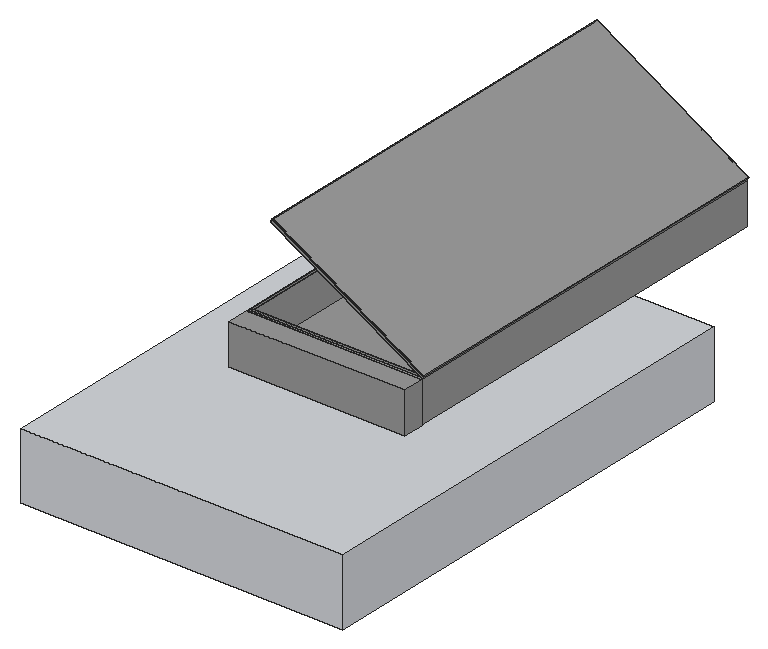
Revit family "Hager-Univers-IP44-D205-H1950-Cl.I-encl-NoHosted-DE-de", category Equipement électrique, Revit 2020
Family settings
  Hôte = Face
  Configuration du panneau = Deux colonnes, circuits au sein
  Cote de connecteur circulaire = Utiliser le diamètre
  Type d'élément = Tableau de raccordement
  Couper avec des vides une fois chargée = Non
  Partagée = Non
  Point de calcul de pièce = Non
Parameters (values of type "Bodenaufstellung IP44 B800 H1950 T205  - FP23TN2")
  Width Control [instance] = if([EF000008 - Breite] > Min Width, [EF000008 - Breite], Min Width)  # 800 mm
  Commentaires du type = [HG000003 - Bereich]  # "Univers"
  Thickness Door [instance] = if([EF009171 - Materialstärke Tür/Deckel] > 3 mm, 3 mm, [EF009171 - Materialstärke Tür/Deckel])  # 1 mm
  Seal Frame Offset [instance] = 17 mm  # constant formula
  Plinth Visibility [instance] = [HG000027 - Sockelhöhe] > 0 mm  # yes
  Model = ""
  Min Width [instance] = 100 mm  # constant formula
  Min Height [instance] = 100 mm  # constant formula
  Min Depth [instance] = (2 * [EF009170 - Materialstärke Gehäuse]) + 1 mm  # 3 mm
  Internal Frame Depth [instance] = (Door System Depth * 0.5)  # 9 mm
  Height Control [instance] = if([EF000040 - Höhe] > Min Height, [EF000040 - Höhe], Min Height)  # 1950 mm
  HG000027 - Sockelhöhe = 100 mm
  HG000026 - Stehend auf dem Boden = yes
  HG000024 - Höhe des unteren Teils = 800 mm
  HG000023 - Gehäuse mit doppeltem Querschnitt = no
  HG000016 - 3D-Türsichtbarkeit [instance] = yes
  HG000015 - Sichtbarkeit der Türöffnung [instance] = no
  HG000014 - Tür rechts [instance] = yes
  HG000013 - Tür links [instance] = not([HG000014 - Tür rechts])  # no
  HG000012 - Türschwenkwinkel [instance] = 30.00°
  HG000010 - Asymmetrische Türen = no
  HG000009 - Doppelflügeligen Tür = no
  HG000006 - Unterputz = no
  HG000004 - Herstellerreferenz = "FP23TN2"
  HG000003 - Bereich = "Univers"
  HG000002 - Mit tür = yes
  Frame Offset Bottom [instance] = 10 mm  # constant formula
  Frame Offset [instance] = 15 mm  # constant formula
  EF015940 - Deckel mit Überdruckentlastung = no
  EF011959 - Schutzart (NEMA) = ""
  EF009554 - Anzahl der Öffnungen für Flanschplatten = 6
  Fabricant = "Hager"  # constant formula
  EF009212 - Ausführung Deckel = "EV000116 - geschlossen"
  EF009171 - Materialstärke Tür/Deckel = 1 mm
  EF009170 - Materialstärke Gehäuse = 1 mm
  EF008873 - Nennstrom (In) = 400 A
  EF007800 - Geeignet für Blitzschutz = no
  EF006306 - Mit Schloss = no
  EF006244 - Transparenter Deckel/Tür = no
  EF005474 - Schutzart (IP) = "EV006418 - IP44"
  EF004464 - Art der Tür = "EV002646 - Einzel"
  EF004427 - Anzahl der Module = 432
  EF004293 - Schlagfestigkeit = "EV006815 - IK09"
  EF003532 - Geeignet für Außengebrauch = no
  EF002950 - Breite in Teilungseinheiten = 36
  EF001613 - Funktionserhalt = "EV000494 - ohne"
  EF001596 - Werkstoff des Gehäuses = "EV000179 - Stahl"
  EF001131 - Innentiefe = 205 mm
  EF001088 - Anbaumöglichkeit = yes
  EF000437 - Anzahl der Leitungseinführungen = 6
  EF000339 - Art der Abdeckung = "EV001012 - Deckel"
  EF000266 - Anzahl der Reihen = 12
  EF000218 - Einbautiefe = 0 mm
  EF000118 - Mit Montageplatte = no
  EF000116 - RAL-Nummer = "9010"
  EF000049 - Tiefe = 205 mm
  EF000040 - Höhe = 1950 mm
  EF000008 - Breite = 800 mm
  EF000007 - Farbe = "EV000202 - weiß"
  EF000003 - Montageart = "EV012274 - Bodenaufstellung"
  Door System Leaf Tolerance [instance] = 1.5 mm  # constant formula
  Door System Depth [instance] = 18 mm  # constant formula
  Door Height [instance] = Height Control - [HG000027 - Sockelhöhe]  # 1850 mm
  Depth Control [instance] = if([EF000049 - Tiefe] > Min Depth, [EF000049 - Tiefe], Min Depth)  # 205 mm
  Default Elevation = 0 mm
  Connector Offset [instance] = Height Control / 2  # 975 mm
  Bottom Top Plate Trim [instance] = 1.5 mm  # constant formula
  Plinth height Ctrl [instance] = if([HG000027 - Sockelhöhe] > 0 mm, [HG000027 - Sockelhöhe], 12 mm)  # 100 mm
Types (9, lengths in mm): name | Width Control | HG000010 - Asymmetrische Türen | HG000009 - Doppelflügeligen Tür | HG000004 - Herstellerreferenz | EF009554 - Anzahl der Öffnungen für Flanschplatten | EF008873 - Nennstrom (In) | EF004464 - Art der Tür | EF004427 - Anzahl der Module | EF002950 - Breite in Teilungseinheiten | EF000437 - Anzahl der Leitungseinführungen | EF000008 - Breite
  Bodenaufstellung IP44 B1050 H1950 T205  - FP24TN2 | 1050 | no | yes | "FP24TN2" | 8 | 400 A | "EV003602 - Doppel" | 576 | 48 | 8 | 1050
  Bodenaufstellung IP44 B1300 H1950 T205  - FP25TN | 1300 | no | yes | "FP25TN" | 10 | 400 A | "EV003602 - Doppel" | 720 | 60 | 10 | 1300
  Bodenaufstellung IP44 B1300 H1950 T205  - FP25TN2 | 1300 | yes | yes | "FP25TN2" | 10 | 400 A | "EV003602 - Doppel" | 720 | 60 | 10 | 1300
  Bodenaufstellung IP44 B300 H1950 T205  - FP21TN | 300 | no | no | "FP21TN" | 2 | 250 A | "EV002646 - Einzel" | 144 | 12 | 2 | 300
  Bodenaufstellung IP44 B300 H1950 T205  - FP21TN2 | 300 | no | no | "FP21TN2" | 2 | 250 A | "EV002646 - Einzel" | 144 | 12 | 2 | 300
  Bodenaufstellung IP44 B550 H1950 T205  - FP22TN | 550 | no | no | "FP22TN" | 4 | 400 A | "EV002646 - Einzel" | 288 | 24 | 4 | 550
  Bodenaufstellung IP44 B550 H1950 T205  - FP22TN2 | 550 | no | no | "FP22TN2" | 4 | 400 A | "EV002646 - Einzel" | 288 | 24 | 4 | 550
  Bodenaufstellung IP44 B800 H1950 T205  - FP23TN | 800 | no | no | "FP23TN" | 6 | 400 A | "EV002646 - Einzel" | 432 | 36 | 6 | 800
  Bodenaufstellung IP44 B800 H1950 T205  - FP23TN2 | 800 | no | no | "FP23TN2" | 6 | 400 A | "EV002646 - Einzel" | 432 | 36 | 6 | 800
Reference planes
  plane 1 "Center (Front/Back)": y = 0
  plane 2: z = 0
  plane 3 "Center (Left/Right)": x = 0
  plane 4: z = 205
  plane 5: y = 101
  plane 6: y = 1025
  plane 7: y = 100
  plane 8: y = 1950
  plane 9: z = 0
  plane 10: x = -385
  plane 11: x = 385
  plane 12: x = 384
  plane 13: x = -384
  plane 14: y = 1949
  plane 15: x = -383
  plane 16: x = -400
  plane 17: x = 383
  plane 18: x = 400
  plane 19: x = 399
  plane 20: x = -399
  plane 21: y = 111
  plane 22: y = 1950
  plane 23: y = 1934
  plane 24: z = 187
  plane 25: z = 1
  plane 26: z = 186
  plane 27: z = 204
Forms (mm)
  Extrusion 1, solid
    sketch origin (0, 0, 0) x (1, 0, 0) y (0, 1, 0)
      loop
        line (-702.964, 1305) -> (-702.964, -811.445) -> (766.763, -811.445) -> (766.763, 1305) -> (-702.964, 1305)
    from 0 to -304.8
  Extrusion 2, solid, material "Hager_Steel_RAL7035_Light_Grey", visible <- "Plinth Visibility", detail levels medium+fine
    sketch origin (0, 0, 0) x (1, 0, 0) y (0, 1, 0)
      loop
        line (-400, 0) -> (400, 0) -> (400, 100) -> (-400, 100) -> (-400, 0)
    from 0 to 187
  Extrusion 3, solid, material "Hager_Steel_RAL7035_Light_Grey", detail levels medium+fine
    sketch origin (0, 0, 0) x (1, 0, 0) y (0, 1, 0)
      loop
        line (-400, 100) -> (400, 100) -> (400, 1950) -> (-400, 1950) -> (-400, 100)
    from 0 to 187
  Extrusion 4, void
    sketch origin (0, 0, 0) x (1, 0, 0) y (0, 1, 0)
      loop
        line (-399, 101) -> (399, 101) -> (399, 1949) -> (-399, 1949) -> (-399, 101)
    from 1 to 186
  Extrusion 5, void
    sketch origin (-381.607, -4572, 187) x (0, -1, 0) y (-1, 0, 0)
      loop
        line (-4683, 2.393) -> (-6506, 2.393) -> (-6506, -765.607) -> (-4683, -765.607) -> (-4683, 2.393)
    from 0 to 1 <- "EF009170 - Materialstärke Gehäuse"
  Extrusion 6, solid, material "Hager_Steel_RAL7035_Light_Grey", detail levels fine
    sketch origin (0, 0, 187) x (1, 0, 0) y (0, 1, 0)
      loop
        line (-384, 1934) -> (-384, 111) -> (384, 111) -> (384, 1934) -> (-384, 1934)
      loop
        line (-385, 110) -> (385, 110) -> (385, 1935) -> (-385, 1935) -> (-385, 110)
    from 0 to 9 <- "Internal Frame Depth"
  Extrusion 7, solid, material "Hager_Steel_RAL7035_Light_Grey", detail levels coarse
    sketch origin (0, 0, 0) x (1, 0, 0) y (0, 1, 0)
      loop
        line (-400, 0) -> (400, 0) -> (400, 1950) -> (-400, 1950) -> (-400, 0)
    from 0 to 205
  Sweep 8, void
    path in 3D
      loop
        line (-400, 100, 0) -> (400, 100, 0) -> (400, 100, 187) -> (-400, 100, 187) -> (-400, 100, 0)
    profile origin (-400, 100, 93.5) x (-1, 0, 0) y (0, -1, 0)
      loop
        line (0, 0) -> (0, 1.5) -> (-1.5, 1.5)
        arc (-1.5, 1.5) -> (-1.061, 0.439) -> (0, 0) r 1.5
Cuts and joins
  Extrusion 4, Extrusion 5 cuts Extrusion 3
  Sweep 8 cuts Extrusion 2
Lines and regions (mm)
  Masking region 1
    outline origin (0, 0, 0) x (1, 0, 0) y (0, 0, 1)
      loop
        line (-400, 205) -> (-400, 0) -> (400, 0) -> (400, 205) -> (-400, 205)
  Masking region 2, detail levels medium+fine
    outline origin (0, 140, 0) x (0, 1, 0) y (0, 0, 1)
      loop
        line (-40, 0) -> (1810, 0) -> (1810, 187) -> (-40, 187) -> (-40, 0)
  Masking region 3, not visible, detail levels medium+fine
    outline origin (0, 297.922, 0) x (0, 1, 0) y (0, 0, 1)
      loop
        line (738.578, 0) -> (778.578, 0) -> (778.578, 194)
        arc (778.578, 194) -> (775.649, 201.071) -> (768.578, 204) r 10
        line (768.578, 204) -> (738.578, 204) -> (738.578, 0)
  Masking region 4, detail levels coarse
    outline origin (0, 0, 180) x (0, 1, 0) y (0, 0, 1)
      loop
        line (0, -180) -> (1950, -180) -> (1950, 25) -> (0, 25) -> (0, -180)
  Masking region 5, visible <- "Plinth Visibility", detail levels medium+fine
    outline origin (0, 52.24, 12.345) x (0, 0, -1) y (0, 1, 0)
      loop
        line (10.845, 47.76) -> (-173.155, 47.76)
        arc (-173.155, 47.76) -> (-173.594, 46.699) -> (-174.655, 46.26) r 1.5
        line (-174.655, 46.26) -> (-174.655, -52.24) -> (12.345, -52.24) -> (12.345, 46.26)
        arc (12.345, 46.26) -> (11.285, 46.699) -> (10.845, 47.76) r 1.5
  Masking region 6, detail levels medium+fine
    outline origin (-381.607, -4572, 187) x (-1, 0, 0) y (0, -1, 0)
      loop
        line (18.393, -6522) -> (18.393, -4672) -> (-781.607, -4672) -> (-781.607, -6522) -> (18.393, -6522)
  Masking region 7, visible <- "Plinth Visibility", detail levels medium+fine
    outline origin (-381.607, -4727, 187) x (-1, 0, 0) y (0, -1, 0)
      loop
        arc (16.893, -4827) -> (17.332, -4825.939) -> (18.393, -4825.5) r 1.5
        line (18.393, -4825.5) -> (18.393, -4727) -> (-781.607, -4727) -> (-781.607, -4825.5)
        arc (-781.607, -4825.5) -> (-780.546, -4825.939) -> (-780.107, -4827) r 1.5
        line (-780.107, -4827) -> (16.893, -4827)
  Masking region 8, detail levels coarse
    outline origin (-442.548, -4669.526, 187) x (-1, 0, 0) y (0, -1, 0)
      loop
        line (-42.548, -6619.526) -> (-42.548, -4669.526) -> (-842.548, -4669.526) -> (-842.548, -6619.526) -> (-42.548, -6619.526)
  sketch lines
    curve 1: line (-400, 100, 187) -> (-400, 100, 0)
    curve 2: line (400, 100, 187) -> (-400, 100, 187)
    curve 3: line (400, 100, 187) -> (400, 100, 0)
    curve 4: line (-400, 100, 0) -> (400, 100, 0)
Dimensions and locks
  "Depth Control": plane 4 to Extrusion 1
  "HG000027 - Sockelhöhe": plane 1 "Center (Front/Back)" to plane 7
  "EF009170 - Materialstärke Gehäuse": plane 5 to plane 7
  locked: connector elem to plane 3 "Center (Left/Right)"
  equal spacing: plane 8, plane 6, plane 7
  locked: connector elem to plane 6
  "EF009170 - Materialstärke Gehäuse": plane 8 to plane 14
  "EF009170 - Materialstärke Gehäuse": plane 10 to plane 13
  "EF009170 - Materialstärke Gehäuse": plane 12 to plane 11
  "Frame Offset": plane 20 to plane 13
  "Frame Offset": plane 12 to plane 19
  "EF009170 - Materialstärke Gehäuse": plane 16 to plane 20
  "EF009170 - Materialstärke Gehäuse": plane 19 to plane 18
  "Seal Frame Offset": plane 16 to plane 15
  "Seal Frame Offset": plane 17 to plane 18
  "Frame Offset Bottom": plane 21 to plane 5
  "Frame Offset": plane 14 to plane 23
  equal spacing: plane 16, plane 3 "Center (Left/Right)", plane 18
  "Width Control": plane 16 to plane 18
  "EF009170 - Materialstärke Gehäuse": plane 4 to plane 27
  "EF009170 - Materialstärke Gehäuse": plane 24 to plane 26
  "EF009170 - Materialstärke Gehäuse": plane 25 to level
  "Door System Depth": plane 4 to plane 24
  "Height Control": plane 1 "Center (Front/Back)" to Extrusion 7 sketch curve
  "Height Control": Masking region 4 sketch curve to plane 1 "Center (Front/Back)"
  "Height Control": plane 1 "Center (Front/Back)" to plane 22
  "Bottom Top Plate Trim": profile plane to Sweep 8 sketch curve
  "Bottom Top Plate Trim": Sweep 8 sketch curve to profile plane
  "Plinth height Ctrl": plane 1 "Center (Front/Back)" to Extrusion 2 sketch curve
  "Plinth height Ctrl": Masking region 5 sketch curve to plane 1 "Center (Front/Back)"
  "Plinth height Ctrl": plane 1 "Center (Front/Back)" to Masking region 7 sketch curve
  "Thickness Door": Extrusion 6 sketch curve to Extrusion 6 sketch curve  (x3)
  "Thickness Door": cut or joined group of Extrusion 3, Extrusion 4, Extrusion 5 to Extrusion 6 sketch curve
  radius of Masking region 3 sketch curve = 10 mm
  "Bottom Top Plate Trim": radius of Masking region 5 sketch curve  (x2)
  "Bottom Top Plate Trim": radius of Sweep 8 sketch curve
  "Bottom Top Plate Trim": radius of Masking region 7 sketch curve  (x2)
  aligned and locked: plane 2 to Extrusion 1
  aligned and locked: level to Extrusion 1
  aligned and locked: level to Masking region 1 sketch curve
  aligned and locked: Masking region 1 sketch curve to plane 18
  aligned and locked: Masking region 1 sketch curve to plane 16
  aligned and locked: plane 7 to Masking region 2 sketch curve
  aligned and locked: level to Masking region 3 sketch curve
  aligned and locked: Masking region 3 sketch curve to plane 27
  aligned and locked: level to Masking region 2 sketch curve
  aligned and locked: plane 1 "Center (Front/Back)" to Extrusion 2 sketch curve
  aligned and locked: Extrusion 3 sketch curve to plane 7
  aligned and locked: plane 16 to Extrusion 3 sketch curve
  aligned and locked: plane 18 to Extrusion 3 sketch curve
  aligned and locked: plane 20 to Extrusion 4 sketch curve
  aligned and locked: plane 19 to Extrusion 4 sketch curve
  aligned and locked: Extrusion 4 sketch curve to plane 5
  aligned and locked: Extrusion 4 to plane 25
  aligned and locked: plane 26 to Extrusion 4
  aligned and locked: plane 24 to Extrusion 3
  aligned and locked: Extrusion 5 sketch curve to plane 21
  aligned and locked: Extrusion 5 sketch curve to plane 13
  aligned and locked: Extrusion 5 sketch curve to plane 12
  aligned and locked: plane 18 to Extrusion 7 sketch curve
  aligned and locked: plane 1 "Center (Front/Back)" to Extrusion 7 sketch curve
  aligned and locked: plane 16 to Extrusion 7 sketch curve
  aligned and locked: plane 4 to Extrusion 7
  aligned and locked: Extrusion 7 to level
  aligned and locked: level to Masking region 4 sketch curve
  aligned and locked: Masking region 4 sketch curve to plane 1 "Center (Front/Back)"
  aligned and locked: Masking region 4 sketch curve to plane 4
  aligned and locked: nested 1 to level
  aligned and locked: nested 1 to plane 16
  aligned and locked: plane 8 to Extrusion 3 sketch curve
  aligned and locked: plane 23 to Extrusion 5 sketch curve
  aligned and locked: plane 14 to Extrusion 4 sketch curve
  aligned and locked: Masking region 2 sketch curve to plane 8
  aligned and locked: level to Masking region 5 sketch curve
  aligned and locked: plane 16 to Extrusion 2 sketch curve
  aligned and locked: plane 18 to Extrusion 2 sketch curve
  aligned and locked: Masking region 5 sketch curve to plane 24
  aligned and locked: Masking region 2 sketch curve to plane 24
  aligned and locked: plane 24 to Extrusion 2
  aligned and locked: profile plane to Sweep 8 sketch curve  (x2)
  aligned and locked: Masking region 6 sketch curve to plane 18
  aligned and locked: Masking region 6 sketch curve to plane 22
  aligned and locked: Masking region 6 sketch curve to plane 16
  aligned and locked: plane 8 to plane 22
  aligned and locked: Masking region 6 sketch curve to plane 7
  aligned and locked: Masking region 7 sketch curve to plane 16
  aligned and locked: Masking region 7 sketch curve to plane 1 "Center (Front/Back)"
  aligned and locked: Masking region 7 sketch curve to plane 18
  aligned and locked: Masking region 8 sketch curve to plane 1 "Center (Front/Back)"
  aligned and locked: Masking region 8 sketch curve to plane 18
  aligned and locked: Masking region 8 sketch curve to plane 22
  aligned and locked: Masking region 8 sketch curve to plane 16
  aligned and locked: nested 2 to plane 7
  aligned and locked: plane 3 "Center (Left/Right)" to nested 2
  aligned and locked: nested 2 to plane 24
  aligned and locked: Extrusion 6 sketch curve to cut or joined group of Extrusion 3, Extrusion 4, Extrusion 5  (x4)
Automatic sketch dimensions
  Extrusion 1 sketch curve to Extrusion 1 sketch curve = 1469.727 mm
  Extrusion 1 sketch curve to Extrusion 1 sketch curve = 2116.445 mm
  Masking region 1 sketch curve to plane 4 = 0 mm
  plane 6 to Masking region 3 sketch curve = 11.5 mm
  Masking region 3 sketch curve to Masking region 3 sketch curve = 30 mm
  Masking region 5 sketch curve to plane 1 "Center (Front/Back)" = 0 mm
Nested families
  nested 1: "Hager_Enclosure_Symbol" at (-400, 0, 0) x (1, 0, 0) z (0, -1, 0), Height <- "Depth Control", Width <- "Width Control", type "Hager_Enclosure_Symbol"
    with Width_Ctrl 800 mm, Width 800 mm, Height_Ctrl 205 mm, Height 205 mm, A_Width_Int 13.453 mm, A_Width 161.438 mm, A_Height_Ctrl 179.375 mm, A_Height 179.375 mm
  nested 2: "EC000058_Univers_Door" at (0, 100, 187) x (1, 0, 0) z (0, 1, 0), Leaf_Tolerance <- "Door System Leaf Tolerance", Angle <- "HG000012 - Türschwenkwinkel", Door_Depth <- "Door System Depth", Door_Left <- "HG000013 - Tür links", Transparent <- "EF006244 - Transparenter Deckel/Tür", Assymetrical <- "HG000010 - Asymmetrische Türen", Width <- "Width Control", Clearance <- "HG000015 - Sichtbarkeit der Türöffnung", Double <- "HG000009 - Doppelflügeligen Tür", 3d_Door <- "HG000016 - 3D-Türsichtbarkeit", Lock_Visibility <- "EF006306 - Mit Schloss", Width_Ctrl <- "Width Control", Door_Right <- "HG000014 - Tür rechts", Door <- "HG000002 - Mit tür", Height <- "Door Height", Thickness <- "Thickness Door", type "EC000058_Univers_Door", detail levels medium+fine
    with min_wh 3 mm, Width_Ctrl 800 mm, Width 800 mm, Transparent no, Thickness 1 mm, Seal_Material Hager_Rubber, Lock_Visibility no, Lock_Material Hager_Plastic_RAL9005_Jet_Black, Leaf_Width 800 mm, Leaf_Tolerance_External_Sides 0 mm, Leaf_Tolerance 1.5 mm, Leaf_Offset 0 mm, Leaf_Height 1847 mm, Leaf_2_Width 800 mm, Leaf_2_Offset 400 mm, Leaf_1_Width 800 mm, Leaf_1_Offset 400 mm, Height_Ctrl 1850 mm, Height 1850 mm, Glass_Material Hager_Glass, Double_Clearance_Ctrl no, Double no, Door_Right_Ctrl yes, Door_Right yes, Door_Material Hager_Steel_RAL7035_Light_Grey, Door_Left_Ctrl no, Door_Left no, Door_Depth 18 mm, Door yes, Clearance_Material Hager_Clearance, Clearance_Depth 800 mm, Clearance_Ctrl no, Clearance no, Assymetrical no, Angle 30.00°, 3d_Door yes
Connectors
  electrical at (0, 1025, 0)
    settings: on plane 9, index 1, voltage 0 V, apparent load 0 VA, apparent load phase1 0 VA, apparent load phase2 0 VA, apparent load phase3 0 VA, power factor 1, load classification "Other", number of poles 1, system type 30, power factor state 1, is connector primary yes, connector utility no, sub classification motor no, connector description ""
Definition of nested family "EC000058_Univers_Door"
  Parameters (values of type "EC000058_Univers_Door")
    min_wh [instance] = (2 * Thickness) + 1 mm  # 11 mm
    Width_Ctrl [instance] = 400 mm
    Width [instance] = 500 mm
    Transparent [instance] = yes
    Thickness [instance] = 5 mm
    Seal_Material [instance] = none
    Lock_Visibility [instance] = yes
    Lock_Material [instance] = none
    Leaf_Width [instance] = if((Width_Ctrl - 2 * Leaf_Tolerance_External_Sides) > 0 mm, (Width_Ctrl - 2 * Leaf_Tolerance_External_Sides), min_wh)  # 400 mm
    Leaf_Tolerance_External_Sides [instance] = 0 mm  # constant formula
    Leaf_Tolerance [instance] = 1.5 mm
    Leaf_Offset [instance] = 0 mm  # constant formula
    Leaf_Height [instance] = if((Height_Ctrl - 2 * Leaf_Tolerance) > 0 mm, (Height_Ctrl - 2 * Leaf_Tolerance), min_wh)  # 497 mm
    Leaf_2_Width [instance] = if(and(and(Double, Assymetrical), Door_Left), (Leaf_Width / 3) - (Leaf_Tolerance / 2), if(and(and(Double, Assymetrical), Door_Right), (Leaf_Width / 3) * 2 - (Leaf_Tolerance / 2), if(and(Double, not(Assymetrical)), (Leaf_Width / 2) - Leaf_Tolerance, Leaf_Width)))  # 400 mm
    Leaf_2_Offset [instance] = if(and(Double, Assymetrical), Leaf_2_Width / 2, if(and(Double, not(Assymetrical)), Leaf_Width / 4, Leaf_Width / 2))  # 200 mm
    Leaf_1_Width [instance] = if(and(and(Double, Assymetrical), Door_Right), (Leaf_Width / 3) - (Leaf_Tolerance / 2), if(and(and(Double, Assymetrical), Door_Left), (Width / 3) * 2 - (Leaf_Tolerance / 2), if(and(Double, not(Assymetrical)), (Leaf_Width / 2) - Leaf_Tolerance, Leaf_Width)))  # 400 mm
    Leaf_1_Offset [instance] = if(and(Double, Assymetrical), Leaf_1_Width / 2, if(and(Double, not(Assymetrical)), Leaf_Width / 4, Leaf_Width / 2))  # 200 mm
    Height_Ctrl [instance] = if(Height > min_wh, Height, min_wh)  # 500 mm
    Height [instance] = 500 mm
    Glass_Material [instance] = none
    Double_Clearance_Ctrl [instance] = and(Double, Clearance)  # no
    Double [instance] = no
    Door_Right_Ctrl [instance] = and(or(Door_Right, Double), Door)  # yes
    Door_Right [instance] = yes
    Door_Material [instance] = none
    Door_Left_Ctrl [instance] = and(or(Door_Left, Double), Door)  # no
    Door_Left [instance] = no
    Door_Depth [instance] = 30 mm
    Door [instance] = yes
    Default Elevation = 1219.2 mm
    Clearance_Material [instance] = none
    Clearance_Depth [instance] = if(Leaf_1_Width > Leaf_2_Width, Leaf_1_Width, Leaf_2_Width)  # 400 mm
    Clearance_Ctrl [instance] = and(not(Double), Clearance)  # yes
    Clearance [instance] = yes
    Assymetrical [instance] = yes
    Angle [instance] = 30.00°
    3d_Door [instance] = yes
  Reference planes
    plane 1 "Center (Front/Back)": y = 0
    plane 2 "Bottom": z = 0
    plane 3 "Center (Left/Right)": x = 0
    plane 4: z = 500
    plane 5: x = -200
    plane 6: x = 200
    plane 7: z = 500
    plane 8: x = -200
    plane 9: z = 0
    plane 10: x = 200
    plane 11: y = 0
    plane 12: z = 1.5
    plane 13: x = -600
    plane 14: y = -400
    plane 15: x = 600
    plane 16: x = 0
    plane 17: x = 0
    plane 18: x = -200
    plane 19: x = 200
    plane 20: z = 498.5
  Forms (mm)
    Extrusion 1, solid, material <- "Clearance_Material", visible <- "Double_Clearance_Ctrl"
      sketch origin (1200, 0, 0) x (1, 0, 0) y (0, 0, -1)
        loop
          line (-1800, -498.5) -> (-600, -498.5) -> (-600, 0) -> (-1800, 0) -> (-1800, -498.5)
      from 0 to -400
  Dimensions and locks
    equal spacing: plane 5, plane 3 "Center (Left/Right)", plane 6
    "Width_Ctrl": plane 5 to plane 6
    "Leaf_Offset": plane 5 to plane 8
    "Leaf_Offset": plane 6 to plane 10
    "Leaf_Offset": plane 9 to level
    "Leaf_Offset": plane 4 to plane 7
    "Height_Ctrl": plane 4 to level
    "Leaf_Tolerance": plane 12 to plane 9
    locked: plane 11 to plane 1 "Center (Front/Back)"
    "Leaf_1_Offset": plane 18 to plane 16
    "Leaf_2_Offset": plane 17 to plane 19
    "Leaf_1_Width": plane 13 to plane 8
    "Leaf_2_Width": plane 10 to plane 15
    "Clearance_Depth": plane 14 to plane 1 "Center (Front/Back)"
    "Leaf_Tolerance_External_Sides": plane 8 to plane 18
    "Leaf_Tolerance_External_Sides": plane 19 to plane 10
    "Leaf_Tolerance": plane 7 to plane 20
    aligned and locked: level to plane 2 "Bottom"
    aligned and locked: nested 1 to plane 16
    aligned and locked: nested 2 to plane 17
    aligned and locked: Extrusion 1 to plane 13
    aligned and locked: plane 15 to Extrusion 1
    aligned and locked: Extrusion 1 to plane 14
    aligned and locked: plane 12 to nested 1
    aligned and locked: nested 2 to plane 12
    aligned and locked: Extrusion 1 to plane 11
    aligned and locked: plane 20 to Extrusion 1
    aligned and locked: nested 2 to plane 11
    aligned and locked: nested 1 to plane 11
  Automatic sketch dimensions
    Extrusion 1 sketch curve to level = 0 mm
    plane 5 to Extrusion 1 sketch curve = 400 mm
    plane 6 to Extrusion 1 sketch curve = 400 mm
    Extrusion 1 sketch curve to plane 4 = 1.5 mm
  Nested families
    nested 1: "EC000058_Univers_Door_Leaf" at (0, 0, 1.5), Width <- "Leaf_1_Width", visible <- "Door_Left_Ctrl", Leaf_Height <- "Leaf_Height", Angle <- "Angle", 3d_Door <- "3d_Door", Transparent <- "Transparent", Clearance Material <- "Clearance_Material", Clearance <- "Clearance_Ctrl", Door_Material <- "Door_Material", Glass_Material <- "Glass_Material", Door_Depth <- "Door_Depth", Lock_Material <- "Lock_Material", Seal_Material <- "Seal_Material", Lock_Visibility <- "Lock_Visibility", Thickness <- "Thickness", type "EC000058_Univers_Door_Leaf"
      with Width 400 mm, Transparent_Glass_Offset 30 mm, Transparent_Ctrl yes, Transparent yes, Thickness 5 mm, Standard no, Seal_Material none, Seal_D2 8 mm, Seal_D1 1 mm, Offset_Internal_Frame 10 mm, Lock_Width 20 mm, Lock_Visibility_3d yes, Lock_Visibility yes, Lock_Thickness_3 3 mm, Lock_Thickness_2 1 mm, Lock_Thickness_1 3 mm, Lock_Radius_Offset_2 16 mm, Lock_Radius_Offset_1 15 mm, Lock_Radius_2 5 mm, Lock_Radius 6 mm, Lock_Offset 5 mm, Lock_Material none, Lock_Height 80 mm, Lock_Cover_Top_Offset_2d 17 mm, Lock_Cover_Height -65 mm, Leaf_Height 497 mm, Internal_Seal_Thickness 8 mm, Internal_Seal_Depth_2 4.5 mm, Internal_Frame_Depth 25 mm, Glass_Thickness -1 mm, Glass_Offset -2 mm, Glass_Material none, Door_Material none, Door_Depth 30 mm, Clearance Material none, Clearance yes, Angle_Ctrl 30.00°, Angle 30.00°, 3d_Door yes
    nested 2: "EC000058_Univers_Door_Leaf" at (0, 0, 1.5) x (-1, 0, 0) z (0, 0, 1), Width <- "Leaf_2_Width", visible <- "Door_Right_Ctrl", Leaf_Height <- "Leaf_Height", Angle <- "Angle", 3d_Door <- "3d_Door", Transparent <- "Transparent", Clearance Material <- "Clearance_Material", Clearance <- "Clearance_Ctrl", Door_Material <- "Door_Material", Glass_Material <- "Glass_Material", Door_Depth <- "Door_Depth", Lock_Material <- "Lock_Material", Seal_Material <- "Seal_Material", Lock_Visibility <- "Lock_Visibility", Thickness <- "Thickness", type "EC000058_Univers_Door_Leaf"
      with Width 400 mm, Transparent_Glass_Offset 30 mm, Transparent_Ctrl yes, Transparent yes, Thickness 5 mm, Standard no, Seal_Material none, Seal_D2 8 mm, Seal_D1 1 mm, Offset_Internal_Frame 10 mm, Lock_Width 20 mm, Lock_Visibility_3d yes, Lock_Visibility yes, Lock_Thickness_3 3 mm, Lock_Thickness_2 1 mm, Lock_Thickness_1 3 mm, Lock_Radius_Offset_2 16 mm, Lock_Radius_Offset_1 15 mm, Lock_Radius_2 5 mm, Lock_Radius 6 mm, Lock_Offset 5 mm, Lock_Material none, Lock_Height 80 mm, Lock_Cover_Top_Offset_2d 17 mm, Lock_Cover_Height -65 mm, Leaf_Height 497 mm, Internal_Seal_Thickness 8 mm, Internal_Seal_Depth_2 4.5 mm, Internal_Frame_Depth 25 mm, Glass_Thickness -1 mm, Glass_Offset -2 mm, Glass_Material none, Door_Material none, Door_Depth 30 mm, Clearance Material none, Clearance yes, Angle_Ctrl 30.00°, Angle 30.00°, 3d_Door yes
  Definition of nested family "EC000058_Univers_Door_Leaf"
    Parameters (values of type "EC000058_Univers_Door_Leaf")
      Width [instance] = 2000 mm
      Transparent_Glass_Offset [instance] = 30 mm
      Transparent_Ctrl [instance] = and(Transparent, [3d_Door])  # yes
      Transparent [instance] = yes
      Thickness [instance] = 5 mm
      Standard [instance] = and(not(Transparent), [3d_Door])  # no
      Seal_Material [instance] = none
      Seal_D2 [instance] = 8 mm  # constant formula
      Seal_D1 [instance] = 1 mm  # constant formula
      Offset_Internal_Frame [instance] = 10 mm  # constant formula
      Lock_Width [instance] = 20 mm  # constant formula
      Lock_Visibility_3d [instance] = and(Lock_Visibility, [3d_Door])  # yes
      Lock_Visibility [instance] = yes
      Lock_Thickness_3 [instance] = 3 mm  # constant formula
      Lock_Thickness_2 [instance] = 1 mm  # constant formula
      Lock_Thickness_1 [instance] = 3 mm  # constant formula
      Lock_Radius_Offset_2 [instance] = Lock_Radius_Offset_1 + 1 mm  # 16 mm
      Lock_Radius_Offset_1 [instance] = 15 mm  # constant formula
      Lock_Radius_2 [instance] = Lock_Radius - 1 mm  # 5 mm
      Lock_Radius [instance] = 6 mm  # constant formula
      Lock_Offset [instance] = 5 mm  # constant formula
      Lock_Material [instance] = none
      Lock_Height [instance] = 80 mm  # constant formula
      Lock_Cover_Top_Offset_2d [instance] = Lock_Radius_Offset_2 + 1 mm  # 17 mm
      Lock_Cover_Height [instance] = -(Lock_Height - Lock_Radius_Offset_1)  # -65 mm
      Leaf_Height [instance] = 2720.336 mm
      Internal_Seal_Thickness [instance] = 8 mm  # constant formula
      Internal_Seal_Depth_2 [instance] = 4.5 mm  # constant formula
      Internal_Frame_Depth [instance] = if(Door_Depth - Thickness > 5 mm, Door_Depth - Thickness, 5 mm)  # 25 mm
      Glass_Thickness [instance] = if(Thickness > 15 mm, Glass_Offset + 10 mm, -1 mm)  # -1 mm
      Glass_Offset [instance] = if(Thickness > 15 mm, -(Thickness + 10 mm) / 2, -2 mm)  # -2 mm
      Glass_Material [instance] = none
      Door_Material [instance] = none
      Door_Depth [instance] = 30 mm
      Default Elevation = 0 mm
      Clearance Material [instance] = none
      Clearance [instance] = yes
      Angle_Ctrl [instance] = if(Angle > 180.00°, 180.00°, Angle)  # 90.00°
      Angle [instance] = 90.00°
      3d_Door [instance] = yes
    Reference planes
      plane 1 "Center (Front/Back)": y = 0
      plane 2: z = 0
      plane 3 "Center (Left/Right)": x = 0
      plane 4: y = 2000
      plane 5: x = -1000
      plane 6: x = 1000
      plane 7: x = -3000
      plane 8: z = 2720.336
      plane 9: z = 30
      plane 10: z = 2690.336
      plane 11: x = 970
      plane 12: x = -970
      plane 13: y = -3
      plane 14: z = 107.833
      plane 15: y = -5
      plane 16: y = -223.314
      plane 17: x = -1000
      plane 18: z = 1360.168
      plane 19: y = 30
    Forms (mm)
      Extrusion 1, solid, material <- "Clearance Material", visible <- "Clearance"
        sketch origin (0, 0, 0) x (1, 0, 0) y (0, 0, 1)
          loop
            line (-3000, 2720.336) -> (-3000, 0) -> (1000, 0) -> (1000, 2720.336) -> (-3000, 2720.336)
        from 0 to -2000
      Extrusion 2, solid, material <- "Door_Material", visible <- "Standard", detail levels medium+fine
        sketch origin (-1000, 0, 0) x (0, 1, 0) y (-1, 0, 0)
          loop
            line (0, 30) -> (0, 25) -> (2000, 25) -> (2000, 30) -> (0, 30)
        from 0 to 2720.336 <- "Leaf_Height"
      Extrusion 3, solid, material <- "Door_Material", visible <- "Transparent_Ctrl", detail levels medium+fine
        sketch origin (-1000, 0, 0) x (0, 1, 0) y (-1, 0, 0)
          loop
            line (0, 25) -> (2000, 25) -> (2000, 30) -> (0, 30) -> (0, 25)
        from 0 to 2720.336 <- "Leaf_Height"
      Extrusion 4, void
        sketch origin (-1025, 2000, 0) x (0, 1, 0) y (0, 0, -1)
          loop
            line (-30, -2690.336) -> (-30, -30) -> (-1970, -30) -> (-1970, -2690.336) -> (-30, -2690.336)
        from 0 to 5 <- "Thickness"
      Sweep 5, solid, material <- "Seal_Material", visible <- "Transparent_Ctrl", detail levels fine
        path in 3D
          loop
            line (-1025, 30, 30) -> (-1025, 30, 2690.336) -> (-1025, 1970, 2690.336) -> (-1025, 1970, 30) -> (-1025, 30, 30)
        profile origin (-1025, 1000, 30) x (1, 0, 0) y (0, 0, 1)
          loop
            line (0, 0) -> (0, -8) -> (1, -8) -> (1, 0) -> (0, 0)
      Extrusion 6, solid, material <- "Glass_Material", visible <- "Transparent_Ctrl", detail levels medium+fine
        sketch origin (-1030, 0, 0) x (0, 1, 0) y (0, 0, -1)
          loop
            line (1970, -2690.336) -> (1970, -30) -> (30, -30) -> (30, -2690.336) -> (1970, -2690.336)
        from -2 <- "Glass_Offset" to -1 <- "Glass_Thickness"
      Extrusion 7, solid, material <- "Door_Material", visible <- "3d_Door", detail levels medium+fine
        sketch origin (-1025, 2000, 0) x (0, -1, 0) y (0, 0, -1)
          loop
            line (0, -2720.336) -> (2000, -2720.336) -> (2000, 0) -> (0, 0) -> (0, -2720.336)
          loop
            line (1995, -5) -> (5, -5) -> (5, -2715.336) -> (1995, -2715.336) -> (1995, -5)
        from 0 to 25 <- "Internal_Frame_Depth"
      Sweep 8, solid, material <- "Seal_Material", visible <- "Transparent_Ctrl", detail levels fine
        path in 3D
          loop
            line (-1025, 0, 0) -> (-1025, 2000, 0) -> (-1025, 2000, 2720.336) -> (-1025, 0, 2720.336) -> (-1025, 0, 0)
        profile origin (-1025, 0, 1360.168) x (1, 0, 0) y (0, 1, 0)
          loop
            line (0, 10) -> (2.975, 10)
            arc (2.975, 10) -> (4.053, 10.447) -> (4.5, 11.525) r 1.525
            line (4.5, 11.525) -> (4.5, 16.527)
            arc (4.5, 16.527) -> (4.069, 17.569) -> (3.027, 18) r 1.473
            line (3.027, 18) -> (0, 18) -> (0, 10)
      Extrusion 9, solid, material <- "Lock_Material", visible <- "Lock_Visibility_3d", detail levels fine
        sketch origin (-1030, 0, 0) x (0, 1, 0) y (0, 0, -1)
          loop
            arc (1993.5, -1400.168) -> (1994.561, -1399.729) -> (1995, -1398.668) r 1.5
            line (1995, -1398.668) -> (1995, -1320.168) -> (1975, -1320.168) -> (1975, -1398.668)
            arc (1975, -1398.668) -> (1975.439, -1399.729) -> (1976.5, -1400.168) r 1.5
            line (1976.5, -1400.168) -> (1993.5, -1400.168)
        from 3 <- "Lock_Thickness_1" to 0
      Blend 10, solid, material <- "Lock_Material", visible <- "Lock_Visibility_3d", detail levels fine
        base sketch origin (-1033, 0, 0) x (0, 1, 0) y (0, 0, -1)
          loop
            line (1975, -1320.168) -> (1975, -1398.668)
            arc (1975, -1398.668) -> (1975.439, -1399.729) -> (1976.5, -1400.168) r 1.5
            line (1976.5, -1400.168) -> (1993.5, -1400.168)
            arc (1993.5, -1400.168) -> (1994.561, -1399.729) -> (1995, -1398.668) r 1.5
            line (1995, -1398.668) -> (1995, -1320.168) -> (1975, -1320.168)
        top sketch origin (-1033, 0, 0) x (0, 1, 0) y (0, 0, -1)
          loop
            line (1976, -1320.168) -> (1976, -1398.668)
            arc (1976, -1398.668) -> (1976.146, -1399.022) -> (1976.5, -1399.168) r 0.5
            line (1976.5, -1399.168) -> (1993.5, -1399.168)
            arc (1993.5, -1399.168) -> (1993.854, -1399.022) -> (1994, -1398.668) r 0.5
            line (1994, -1398.668) -> (1994, -1320.168) -> (1976, -1320.168)
        from 0 to 1 <- "Lock_Thickness_2"
      Blend 11, solid, material <- "Lock_Material", visible <- "Lock_Visibility_3d", detail levels fine
        base sketch origin (-1034, 0, 0) x (0, 1, 0) y (0, 0, -1)
          loop
            line (1978, -1320.168) -> (1978, -1384.168)
            arc (1978, -1384.168) -> (1985, -1391.168) -> (1992, -1384.168) r 7
            line (1992, -1384.168) -> (1992, -1320.168) -> (1978, -1320.168)
        top sketch origin (-1034, 0, 0) x (0, 1, 0) y (0, 0, -1)
          loop
            line (1991, -1320.168) -> (1979, -1320.168) -> (1979, -1383.168)
            arc (1979, -1383.168) -> (1985, -1389.168) -> (1991, -1383.168) r 6
            line (1991, -1383.168) -> (1991, -1320.168)
        from 0 to 3 <- "Lock_Thickness_3"
      Extrusion 12, solid, material <- "Lock_Material", visible <- "Lock_Visibility_3d", detail levels fine
        sketch origin (-1030, 1975, 1320.168) x (1, 0, 0) y (0, -1, 0)
          loop
            line (-7, -19) -> (-7, -1) -> (0, -1) -> (0, 0) -> (-8, 0) -> (-8, -20) -> (0, -20) -> (0, -19) -> (-7, -19)
        from 0 to -65 <- "Lock_Cover_Height"
      Extrusion 13, void
        sketch origin (-1038, 1995, 1320.168) x (-1, 0, 0) y (0, 0, -1)
          loop
            line (-5, -65) -> (0, -65) -> (-5, -60) -> (-5, -65)
        from 0 to 20 <- "Lock_Width"
      Extrusion 14, void
        sketch origin (-1038, 1975, 1320.168) x (0, -1, 0) y (0, 0, -1)
          loop
            circle (-10, -15.995) r 6
          loop
            circle (-10, -15.995) r 5
        from 0 to 2
      Extrusion 15, solid, material <- "Lock_Material", visible <- "Lock_Visibility_3d", detail levels medium
        sketch origin (-1030, 0, 0) x (0, 1, 0) y (0, 0, -1)
          loop
            arc (1993.5, -1400.168) -> (1994.561, -1399.729) -> (1995, -1398.668) r 1.5
            line (1995, -1398.668) -> (1995, -1320.168) -> (1975, -1320.168) -> (1975, -1398.668)
            arc (1975, -1398.668) -> (1975.439, -1399.729) -> (1976.5, -1400.168) r 1.5
            line (1976.5, -1400.168) -> (1993.5, -1400.168)
        from 8 to 0
    Cuts and joins
      Extrusion 4 cuts Extrusion 3
      Extrusion 13, Extrusion 14 cuts Extrusion 9
      Extrusion 14 cuts Blend 11
      Extrusion 13, Extrusion 14 cuts Extrusion 12
      joined: Extrusion 9, Blend 10, Blend 11, Extrusion 12
      Extrusion 14 cuts Extrusion 15
    Lines and regions (mm)
      Masking region 1, visible <- "Lock_Visibility", detail levels fine
        outline origin (0, 0, 0) x (0, 1, 0) y (0, 0, 1)
          loop
            line (30, 1320.168) -> (33, 1320.168) -> (33, 1400.168) -> (30, 1400.168) -> (30, 1320.168)
      Masking region 2, visible <- "Lock_Visibility", detail levels fine
        outline origin (0, 3.143, 0) x (0, 1, 0) y (0, 0, 1)
          loop
            line (29.857, 1354.168) -> (30.857, 1354.168) -> (30.857, 1366.168) -> (29.857, 1366.168) -> (29.857, 1354.168)
      Masking region 3, detail levels medium+fine
        outline origin (0, 0, 0) x (0, 1, 0) y (0, 0, 1)
          loop
            line (0, 0) -> (30, 0) -> (30, 2720.336) -> (0, 2720.336) -> (0, 0)
      Masking region 4, detail levels medium+fine
        outline origin (0, 0, 0) x (1, 0, 0) y (0, 0, 1)
          loop
            line (-1000, 2720.336) -> (-1000, 0) -> (1000, 0) -> (1000, 2720.336) -> (-1000, 2720.336)
      Masking region 5, visible <- "Lock_Visibility", detail levels fine
        outline origin (-47.116, 0, 0) x (1, 0, 0) y (0, 0, 1)
          loop
            arc (1024.616, 1399.168) -> (1023.556, 1398.729) -> (1023.116, 1397.668) r 1.5
            line (1023.116, 1397.668) -> (1023.116, 1320.168) -> (1041.116, 1320.168) -> (1041.116, 1397.668)
            arc (1041.116, 1397.668) -> (1040.677, 1398.729) -> (1039.616, 1399.168) r 1.5
            line (1039.616, 1399.168) -> (1024.616, 1399.168)
      Masking region 6, visible <- "Lock_Visibility", detail levels medium+fine
        outline origin (-25, 0, 0) x (1, 0, 0) y (0, 0, 1)
          loop
            arc (1001.5, 1400.168) -> (1000.439, 1399.729) -> (1000, 1398.668) r 1.5
            line (1000, 1398.668) -> (1000, 1320.168) -> (1020, 1320.168) -> (1020, 1398.668)
            arc (1020, 1398.668) -> (1019.561, 1399.729) -> (1018.5, 1400.168) r 1.5
            line (1018.5, 1400.168) -> (1001.5, 1400.168)
      Masking region 7, visible <- "Lock_Visibility", detail levels fine
        outline origin (-73.735, 0, 0) x (1, 0, 0) y (0, 0, 1)
          loop
            line (1051.735, 1382.168) -> (1065.735, 1382.168) -> (1065.735, 1384.168)
            arc (1065.735, 1384.168) -> (1058.735, 1391.168) -> (1051.735, 1384.168) r 7
            line (1051.735, 1384.168) -> (1051.735, 1382.168)
      Masking region 8, visible <- "Lock_Visibility", detail levels fine
        outline origin (-73.735, 0, 0) x (1, 0, 0) y (0, 0, 1)
          loop
            line (1052.735, 1382.168) -> (1064.735, 1382.168) -> (1064.735, 1383.168)
            arc (1064.735, 1383.168) -> (1058.735, 1389.168) -> (1052.735, 1383.168) r 6
            line (1052.735, 1383.168) -> (1052.735, 1382.168)
      Masking region 9, visible <- "Lock_Visibility", detail levels fine
        outline origin (-25, 0, 0) x (1, 0, 0) y (0, 0, 1)
          loop
            line (1020, 1320.168) -> (1020, 1382.168) -> (1000, 1382.168) -> (1000, 1320.168) -> (1020, 1320.168)
      Masking region 10, detail levels medium+fine
        outline origin (0, 0, 0) x (1, 0, 0) y (0, 0, 1)
          loop
            circle (985, 1335.144) r 6
      Masking region 11, detail levels fine
        outline origin (0, 0, 0) x (1, 0, 0) y (0, 0, 1)
          loop
            circle (985, 1335.144) r 5
      Masking region 12, visible <- "Lock_Visibility", detail levels fine
        outline origin (0, 12.767, 0) x (0, 1, 0) y (0, 0, 1)
          loop
            line (20.233, 1320.168) -> (21.233, 1320.168) -> (21.233, 1399.168) -> (20.233, 1400.168) -> (20.233, 1320.168)
      Masking region 13, visible <- "Lock_Visibility", detail levels fine
        outline origin (0, 13.767, -10) x (0, 1, 0) y (0, 0, 1)
          loop
            line (20.233, 1330.168) -> (23.233, 1330.168) -> (23.233, 1399.168) -> (20.233, 1402.168) -> (20.233, 1330.168)
      Masking region 14, visible <- "Lock_Visibility", detail levels fine
        outline origin (0, 12.767, -10) x (0, 1, 0) y (0, 0, 1)
          loop
            line (20.233, 1330.168) -> (25.233, 1330.168) -> (25.233, 1399.305) -> (20.233, 1394.305) -> (20.233, 1330.168)
      Masking region 15, visible <- "Lock_Visibility", detail levels medium
        outline origin (0, 0, 0) x (0, 1, 0) y (0, 0, 1)
          loop
            line (30, 1320.168) -> (38, 1320.168) -> (38, 1400.168) -> (30, 1400.168) -> (30, 1320.168)
      Masking region 16, visible <- "Lock_Visibility", detail levels fine
        outline origin (-1000, 0, 0) x (0, 1, 0) y (-1, 0, 0)
          loop
            line (1975, 30) -> (1995, 30) -> (1995, 38) -> (1975, 38) -> (1975, 30)
          loop
            line (1979, 37) -> (1976, 37) -> (1976, 34) -> (1978, 34) -> (1979, 37)
          loop
            line (1994, 37) -> (1991, 37) -> (1992, 34) -> (1994, 34) -> (1994, 37)
      Masking region 17, visible <- "Lock_Visibility", detail levels medium
        outline origin (-1000, 0, 0) x (0, 1, 0) y (-1, 0, 0)
          loop
            line (1975, 30) -> (1995, 30) -> (1995, 38) -> (1975, 38) -> (1975, 30)
      symbolic lines
        curve 1: line (1000, 0, 0) -> (-3000, 0, 0)
        curve 2: arc (1000, 0, 0) -> (-1000, 2000, 0) -> (-3000, 0, 0) r 2000
        curve 4: line (-1030, 0, 0) -> (-1030, 2000, 0)
      reference lines
        curve 3: line (-1000, 0, 0) -> (-1000, 2000, 0)
      symbolic lines, detail levels medium+fine
        curve 5: line (-1030, 2000, 0) -> (-1025, 2000, 0)
        curve 7: line (-1025, 0, 0) -> (-1030, 0, 0)
        curve 8: line (-1025, 0, 0) -> (-1000, 0, 0)
        curve 9: line (-1000, 0, 0) -> (-1000, 2000, 0)
        curve 10: line (-1000, 2000, 0) -> (-1025, 2000, 0)
      symbolic lines, detail levels fine
        curve 6: line (-1025, 2000, 0) -> (-1025, 0, 0)
      sketch lines
        curve 11: line (-1025, 0, 2720.336) -> (-1025, 0, 0)
        curve 12: line (-1025, 2000, 0) -> (-1025, 0, 0)
        curve 13: line (-1025, 2000, 2720.336) -> (-1025, 2000, 0)
        curve 14: line (-1025, 0, 2720.336) -> (-1025, 2000, 2720.336)
        curve 15: line (-1025, 1970, 30) -> (-1025, 30, 30)
        curve 16: line (-1025, 30, 30) -> (-1025, 30, 2690.336)
        curve 17: line (-1025, 1970, 2690.336) -> (-1025, 1970, 30)
        curve 18: line (-1025, 30, 2690.336) -> (-1025, 1970, 2690.336)
      symbolic lines, visible <- "Transparent", detail levels medium+fine
        curve 19: line (-970, 0, 2690.336) -> (970, 0, 2690.336)
        curve 20: line (-970, 0, 30) -> (-970, 0, 2690.336)
        curve 21: line (970, 0, 30) -> (-970, 0, 30)
        curve 22: line (970, 0, 2690.336) -> (970, 0, 30)
    Dimensions and locks
      "Width": plane 1 "Center (Front/Back)" to plane 4
      equal spacing: plane 5, plane 3 "Center (Left/Right)", plane 6
      "Width": plane 5 to plane 6
      "Width": plane 7 to plane 5
      "Leaf_Height": plane 8 to level
      "Width": curve 5 to curve 3
      "Width": curve 3 to curve 3
      plane 8 to plane 10 = 30 mm
      plane 9 to level = 30 mm
      plane 12 to plane 5 = 30 mm
      plane 6 to plane 11 = 30 mm
      Extrusion 1 to Extrusion 4 sketch curve = 30 mm
      "Transparent_Glass_Offset": curve 3 to Extrusion 4 sketch curve
      "Transparent_Glass_Offset": Extrusion 4 sketch curve to cut or joined group of Extrusion 3, Extrusion 4  (x2)
      cut or joined group of Extrusion 3, Extrusion 4 to Extrusion 6 sketch curve = 30 mm
      "Transparent_Glass_Offset": cut or joined group of Extrusion 3, Extrusion 4 to Extrusion 4 sketch curve
      "Thickness": curve 6 to curve 4
      "Thickness": Extrusion 7 sketch curve to Extrusion 7 sketch curve  (x4)
      "Door_Depth": curve 4 to curve 3
      "Offset_Internal_Frame": profile plane to Sweep 8 sketch curve
      "Internal_Seal_Thickness": Sweep 8 sketch curve to Sweep 8 sketch curve
      "Internal_Seal_Depth_2": profile plane to Sweep 8 sketch curve
      "Seal_D1": profile plane to Sweep 5 sketch curve
      "Seal_D2": profile plane to Sweep 5 sketch curve
      "Thickness": Extrusion 2 sketch curve to Extrusion 2 sketch curve
      equal spacing: Extrusion 9 sketch curve, plane 18, Extrusion 9 sketch curve  (x2)
      equal spacing: Masking region 1 sketch curve, plane 18, Masking region 1 sketch curve
      "Lock_Height": Masking region 1 sketch curve to Masking region 1 sketch curve
      "Lock_Radius": Masking region 2 sketch curve to plane 18 to Masking region 2 sketch curve
      Masking region 2 sketch curve to Masking region 1 = 1 mm
      "Door_Depth": plane 19 to plane 1 "Center (Front/Back)"
      "Lock_Thickness_1": Masking region 1 sketch curve to plane 19
      "Lock_Width": Extrusion 9 sketch curve to Extrusion 9 sketch curve
      "Lock_Height": Extrusion 9 sketch curve to Extrusion 9 sketch curve
      "Lock_Offset": cut or joined group of Extrusion 3, Extrusion 4 to Extrusion 9 sketch curve
      equal spacing: plane 8, plane 18, level
      "Lock_Radius_Offset_1": Blend 11 sketch curve to Blend 10
      locked: Blend 10 to Blend 11 sketch curve at 2  (x2)
      locked: var sketch to Blend 11 sketch curve at 1  (x2)
      "Lock_Radius_Offset_2": Blend 11 sketch curve to Blend 10
      locked: Extrusion 12 sketch curve to Extrusion 12 sketch curve at 1  (x3)
      Masking region 6 sketch curve to Masking region 6 sketch curve = 80 mm
      "Lock_Height": Masking region 6 sketch curve to Masking region 6 sketch curve
      "Lock_Width": Masking region 6 sketch curve to Masking region 6 sketch curve
      locked: Masking region 6 to Masking region 5 sketch curve at 1  (x3)
      locked: Masking region 5 to Masking region 7 sketch curve at 2  (x2)
      "Lock_Radius_Offset_1": Masking region 5 to Masking region 7 sketch curve
      "Lock_Radius_Offset_2": Masking region 5 to Masking region 8 sketch curve
      locked: Masking region 7 to Masking region 8 sketch curve at 1  (x2)
      "Lock_Cover_Top_Offset_2d": Masking region 5 to Masking region 9 sketch curve
      equal spacing: Masking region 9, Masking region 10 sketch curve, Masking region 9
      equal spacing: Masking region 9, Masking region 11 sketch curve, Masking region 9
      Extrusion 15 sketch curve to Extrusion 15 sketch curve = 80 mm
      "Lock_Width": Extrusion 15 sketch curve to Extrusion 15 sketch curve
      "Lock_Height": Extrusion 15 sketch curve to Extrusion 15 sketch curve
      equal spacing: Extrusion 15 sketch curve, plane 18, Extrusion 15 sketch curve
      "Lock_Thickness_3": Masking region 13 sketch curve to Masking region 13 sketch curve
      "Lock_Height": Masking region 12 sketch curve to Masking region 12 sketch curve
      locked: Masking region 13 sketch curve to Masking region 1 at 8
      locked: Masking region 14 sketch curve to Masking region 13 at 1
      locked: Masking region 14 sketch curve to Masking region 1 at 10.863
      "Lock_Height": Masking region 15 sketch curve to Masking region 15 sketch curve
      "Lock_Offset": Extrusion 15 sketch curve to cut or joined group of Extrusion 3, Extrusion 4
      "Lock_Offset": plane 6 to Masking region 6 sketch curve
      radius of Sweep 8 sketch curve = 1.525 mm
      radius of Sweep 8 sketch curve = 1.473 mm
      radius of Extrusion 9 sketch curve = 1.5 mm  (x2)
      "Lock_Radius": radius of Extrusion 14 sketch curve
      "Lock_Radius_2": radius of Extrusion 14 sketch curve
      "Lock_Radius": radius of Masking region 10 sketch curve
      "Lock_Radius_2": radius of Masking region 11 sketch curve
      radius of Extrusion 15 sketch curve = 1.5 mm  (x2)
      "Angle_Ctrl": angle plane 1 "Center (Front/Back)" to curve 3
      locked: Masking region 12 sketch curve to Masking region 12 sketch curve (angle 45.00°)
      locked: Masking region 13 sketch curve to Masking region 13 sketch curve (angle 45.00°)
      locked: Masking region 14 sketch curve to Masking region 14 sketch curve (angle 45.00°)
      aligned and locked: level to plane 2
      aligned and locked: Extrusion 1 to curve 1
      aligned and locked: plane 6 to Extrusion 1
      aligned and locked: Extrusion 1 to plane 1 "Center (Front/Back)"
      aligned and locked: plane 4 to Extrusion 1
      aligned and locked: plane 8 to Extrusion 1
      aligned and locked: curve 7 to Extrusion 2 sketch curve
      aligned and locked: curve 5 to Extrusion 2 sketch curve
      aligned and locked: curve 7 to Extrusion 3 sketch curve
      aligned and locked: Extrusion 3 sketch curve to curve 4
      aligned and locked: Extrusion 3 sketch curve to curve 6
      aligned and locked: Extrusion 3 sketch curve to curve 5
      aligned and locked: curve 9 to curve 3
      aligned and locked: Extrusion 7 sketch curve to cut or joined group of Extrusion 3, Extrusion 4  (x4)
      aligned and locked: plane 17 to curve 3
      aligned and locked: plane 1 "Center (Front/Back)" to curve 3
      aligned and locked: plane 17 to plane 5
      aligned and locked: Sweep 8 sketch curve to profile plane
      aligned and locked: Sweep 5 sketch curve to profile plane  (x2)
      aligned and locked: Masking region 1 to Masking region 2 sketch curve
      aligned and locked: plane 19 to Masking region 1 sketch curve
      aligned and locked: plane 1 "Center (Front/Back)" to Masking region 3 sketch curve
      aligned and locked: plane 19 to Masking region 3 sketch curve
      aligned and locked: level to Masking region 3 sketch curve
      aligned and locked: Masking region 3 sketch curve to plane 8
      aligned and locked: plane 17 to Masking region 4 sketch curve
      aligned and locked: level to Masking region 4 sketch curve
      aligned and locked: Masking region 4 sketch curve to plane 8
      aligned and locked: plane 12 to curve 20
      aligned and locked: plane 10 to curve 19
      aligned and locked: plane 11 to curve 22
      aligned and locked: curve 21 to plane 9
      aligned and locked: Extrusion 2 sketch curve to cut or joined group of Extrusion 3, Extrusion 4
      aligned and locked: Blend 10 sketch curve to Extrusion 9  (x4)
      aligned and locked: Extrusion 9 to Blend 10 sketch curve
      aligned and locked: Blend 10 to Blend 11 sketch curve
      aligned and locked: Extrusion 12 sketch curve to Blend 11
      aligned and locked: Extrusion 12 sketch curve to Extrusion 9  (x4)
      aligned and locked: Masking region 5 sketch curve to Masking region 6
      aligned and locked: Masking region 9 sketch curve to Masking region 6  (x3)
      aligned and locked: Masking region 12 sketch curve to Masking region 1
      aligned and locked: Masking region 13 sketch curve to Masking region 1
      aligned and locked: Masking region 12 to Masking region 14
      aligned and locked: Masking region 14 sketch curve to Masking region 1
      aligned and locked: Masking region 15 sketch curve to Masking region 14
      aligned and locked: Masking region 13 sketch curve to Masking region 12
      aligned and locked: Masking region 16 sketch curve to cut or joined group of Extrusion 14, Extrusion 15  (x4)
      aligned and locked: Masking region 16 sketch curve to cut or joined group of Extrusion 9, Blend 10, Blend 11, Extrusion 12, Extrusion 13, Extrusion 14  (x6)
      aligned and locked: cut or joined group of Extrusion 9, Blend 10, Blend 11, Extrusion 12, Extrusion 13, Extrusion 14 to Masking region 16 sketch curve
      aligned and locked: Masking region 17 sketch curve to cut or joined group of Extrusion 14, Extrusion 15  (x3)
      aligned and locked: Masking region 17 sketch curve to cut or joined group of Extrusion 9, Blend 10, Blend 11, Extrusion 12, Extrusion 13, Extrusion 14
      aligned and locked: Masking region 9 to Masking region 8 sketch curve
      aligned and locked: Masking region 9 to Masking region 7 sketch curve
    Automatic sketch dimensions
      plane 1 "Center (Front/Back)" to curve 2 = 0 mm
      curve 2 to plane 5 = 0 mm
      Extrusion 1 sketch curve to level = 0 mm
      Extrusion 1 sketch curve to plane 7 = 0 mm
      Extrusion 1 sketch curve to plane 6 = 0 mm
      Extrusion 1 sketch curve to plane 8 = 0 mm
      Extrusion 3 to Extrusion 6 sketch curve = 30 mm  (x4)
      Masking region 4 sketch curve to plane 6 = 0 mm
      Blend 10 sketch curve to Extrusion 9 = 1.5 mm
      Blend 10 sketch curve to Extrusion 9 = 1 mm
      Extrusion 13 sketch curve to Extrusion 12 = 0 mm  (x2)
      Extrusion 12 to Extrusion 13 sketch curve = 3 mm
      Extrusion 13 sketch curve to Extrusion 12 = 5 mm
      Extrusion 14 sketch curve to Extrusion 14 sketch curve = 0 mm  (x2)
      Extrusion 14 sketch curve to Extrusion 12 = 10 mm
      Extrusion 14 sketch curve to Extrusion 12 = 15.995 mm
      Masking region 5 sketch curve to Masking region 5 sketch curve = 1.5 mm  (x2)
      Masking region 10 sketch curve to plane 18 = 25.024 mm
      Masking region 11 sketch curve to plane 18 = 25.024 mm
      plane 19 to Masking region 14 sketch curve = 3 mm
      Masking region 16 sketch curve to Masking region 16 sketch curve = 3 mm
      curve 4 to curve 3 = 0 mm
      Blend 10 to Blend 11 sketch curve = 0 mm
      Masking region 6 sketch curve to Masking region 6 sketch curve = 1.5 mm  (x2)
      Masking region 6 sketch curve to plane 18 = 40 mm
      plane 19 to Masking region 12 sketch curve = 3 mm
      Masking region 12 sketch curve to Masking region 12 sketch curve = 1 mm
      Masking region 15 sketch curve to plane 19 = 0 mm
      Masking region 15 sketch curve to plane 18 = 40 mm
      radius of Blend 10 sketch curve to Extrusion 9 = 1 mm
Definition of nested family "Hager_Enclosure_Symbol"
  Parameters (values of type "Hager_Enclosure_Symbol")
    Width_Ctrl [instance] = if(Width > 1 mm, Width, 1 mm)  # 102.27 mm
    Width [instance] = 102.27 mm
    Height_Ctrl [instance] = if(Height > 1 mm, Height, 1 mm)  # 66.5 mm
    A_Width_Int [instance] = if(A_Width / 12 > 2 mm, A_Width / 12, 2 mm)  # 4.364 mm
    A_Width [instance] = if(A_Height_Ctrl * 0.9 > 2 mm, A_Height_Ctrl * 0.9, 2 mm)  # 52.369 mm
    A_Height_Ctrl [instance] = if(A_Height > 2 mm, A_Height, 2 mm)  # 58.188 mm
    Height [instance] = 66.5 mm
    A_Height [instance] = Height - (Height / 8)  # 58.188 mm
  Reference planes
    plane 1 "Centre (avant/arrière)": y = 0
    plane 2: z = 0
    plane 3 "Centre (gauche/droite)": x = 0
    plane 4: x = 52.369
    plane 5: y = 33.042
    plane 6: y = 41.77
    plane 7: y = 66.5
    plane 8: x = 26.184
    plane 9: y = 37.406
    plane 10: x = 102.27
    plane 11: y = 66.5
    plane 12: y = 8.313
  Lines and regions (mm)
    Filled region 1, type "Solid_Black", in view "Niveau de réf."
      outline origin (0, 0, 0) x (1, 0, 0) y (0, 1, 0)
        loop
          line (52.369, 66.5) -> (33.188, 54.536) -> (45.365, 45.006) -> (52.369, 66.5)
    Filled region 2, type "Solid_Black", in view "Niveau de réf."
      outline origin (0, 0, 0) x (1, 0, 0) y (0, 1, 0)
        loop
          line (0, 0) -> (102.27, 0) -> (102.27, 66.5) -> (0, 0)
    detail lines, in view "Niveau de réf."
      curve 1: line (0, 8.313, 0) -> (26.184, 41.77, 0)
      curve 2: line (26.184, 41.77, 0) -> (26.184, 33.042, 0)
      curve 3: line (26.184, 33.042, 0) -> (52.369, 66.5, 0)
  Dimensions and locks
    "A_Width": plane 3 "Centre (gauche/droite)" to plane 4
    equal spacing: plane 3 "Centre (gauche/droite)", plane 8, plane 4
    equal spacing: plane 6, plane 9, plane 5
    equal spacing: curve 3, Filled region 1 sketch curve, Filled region 1 sketch curve
    "Height_Ctrl": plane 1 "Centre (avant/arrière)" to plane 11
    "A_Height_Ctrl": plane 11 to plane 12
    equal spacing: plane 11, plane 9, plane 12
    "A_Width_Int": plane 6 to plane 9
    "Width_Ctrl": plane 3 "Centre (gauche/droite)" to plane 10
    angle Filled region 1 sketch curve to curve 3 = 20.00°
    angle curve 3 to Filled region 1 sketch curve = 20.00°
    locked: curve 3 to Filled region 1 sketch curve (angle 90.00°)
    aligned and locked: plane 10 to Filled region 2
    aligned and locked: plane 11 to Filled region 2 sketch curve
    aligned and locked: plane 10 to Filled region 2 sketch curve
    aligned and locked: plane 3 "Centre (gauche/droite)" to curve 1
    aligned and locked: plane 12 to curve 1
    aligned and locked: plane 7 to plane 11
  Automatic sketch dimensions
    Filled region 1 sketch curve to plane 4 = 0 mm
    Filled region 1 sketch curve to plane 7 = 0 mm
    plane 1 "Centre (avant/arrière)" to Filled region 2 sketch curve = 0 mm
    Filled region 2 sketch curve to plane 3 "Centre (gauche/droite)" = 0 mm
    curve 2 to plane 6 = 0 mm
    curve 2 to plane 8 = 0 mm
    curve 3 to plane 4 = 0 mm
    curve 2 to plane 5 = 0 mm
    curve 3 to plane 7 = 0 mm
